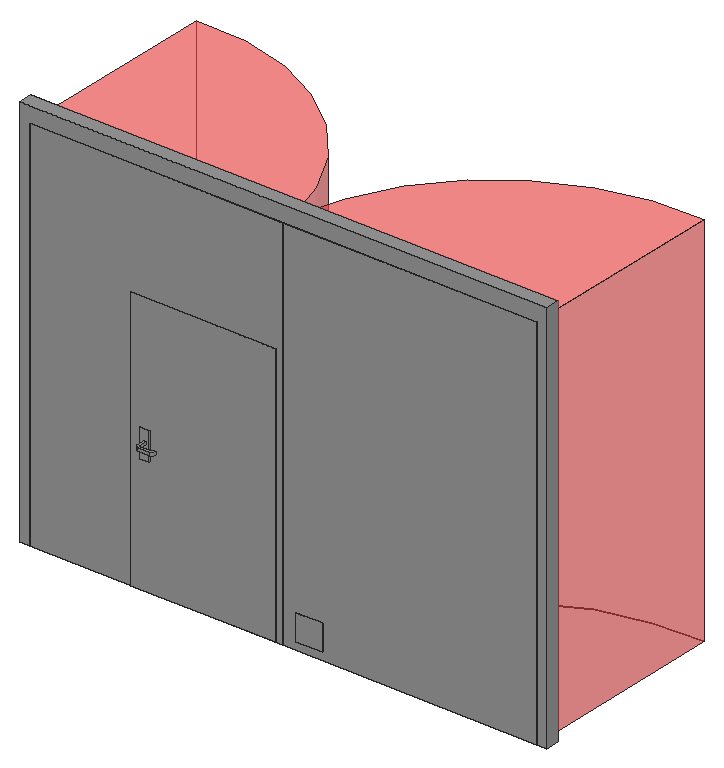
Revit family "raspashnie_protivopozarnie_vorota_firetechnics-d_ei60", category Двери, Revit 2016
Family settings
  Основа = Стена
  Номер OmniClass = 23.30.10.00
  Заголовок OmniClass = Doors
  Всегда вертикально = Да
  При загрузке вырезать с полостями = Нет
  Общий = Нет
  Точка расчета площади = Нет
Parameters (values of type "Распашные противопажарные ворота FireTechnics-D EI60")
  ширина полотна = 90 mm  # constant formula
  Ширина стойки = 53.699 mm
  Ширина стоек = 70 mm  # constant formula
  Ширина двери = 1100 mm  # constant formula
  Функция = Внутренние слои
  Резервирование простанства = Границы резервирования пространства
  Разработано = "support@bimlib.ru"  # constant formula
  Противопожарный люк [instance] = yes
  Противопожарная дверь [instance] = yes
  Огнестойкость = "EI60"
  Материал стоек = Сталь_оцинкованная_листовая Firetechnics
  Материал ручки = СВМПЭ, черный
  Материал полотна = Полотно с наполнителем из минерального заполнителя
  Изготовитель = "Firetechnics"  # constant formula
  Зона резервирования [instance] = yes
  Ворота открыто [instance] = yes
  Высота противопожарной двери = 2000 mm  # constant formula
  Высота поперечного бруса = 120 mm  # constant formula
  Height = ADSK_Размер_Высота  # 3000 mm
  Замыкание стены = По основе
  Width = ADSK_Размер_Ширина  # 4000 mm
  Видимость 2 [instance] = and(Ворота открыто, Противопожарный люк)  # yes
  Видимость 1 [instance] = and(Ворота открыто, Противопожарная дверь)  # yes
  Аналитическая конструкция = "<Нет>"
  URL = "https://www.fire-tec.ru/"
  ADSK_Размер_Ширина = 4000 mm
  ADSK_Размер_Высота = 3000 mm
  ADSK_Примечание [instance] = ""
  ADSK_Предел огнестойкости = "EI60"
  ADSK_Позиция [instance] = ""
  ADSK_Обозначение = ""
  ADSK_Наименование = "Распашные противопажарные ворота Firetechnics-D EI60"
  ADSK_Масса_Текст = ""
  ADSK_Завод-изготовитель = ""
  ADSK_Единица измерения = ""
  ADSK_URL страницы изделия = "https://www.fire-tec.ru/catalog/protivopozharnye-vorota/protivopozharnye-raspashnye-vorota/"
  ADSK_URL документации изделия = ""
Reference planes
  plane 1: y = 0
  plane 2 "По центру (Влево/Вправо)": x = 0
  plane 3 "Слева": x = -2000
  plane 4 "Справа": x = 2000
  plane 5: z = 3000
  plane 6 "Наружный": y = 68.902
  plane 7 "Внутренние": y = -81.098
  plane 8: y = 38.902
  plane 9: y = -51.098
  plane 10: z = 2880
  plane 11: x = -1930
  plane 12: x = 1930
  plane 13: x = -58.299
  plane 14: x = -1158.299
  plane 15: z = 2000
  plane 16: x = 96.816
  plane 17: x = 296.816
  plane 18: z = 57.234
  plane 19: z = 257.234
  plane 20: y = 53.699
Forms (mm)
  Extrusion 1, void
    sketch origin (0, 0, 0) x (1, 0, 0) y (0, 1, 0)
      loop
        line (-2000, 68.902) -> (-2000, -81.098) -> (2000, -81.098) -> (2000, 68.902) -> (-2000, 68.902)
    from 0 to 3000
  Extrusion 2, solid, material "Полотно с наполнителем из минерального заполнителя" <- "Материал полотна", visible <- "Ворота открыто"
    sketch origin (0, 0, 0) x (1, 0, 0) y (0, 1, 0)
      loop
        line (-1929.64, 38.902) -> (-1929.64, -51.098) -> (0, -51.098) -> (0, 38.902) -> (-1929.64, 38.902)
    from 0 to 2880
  Extrusion 3, solid, material "Полотно с наполнителем из минерального заполнителя" <- "Материал полотна", visible <- "Ворота открыто"
    sketch origin (0, 0, 0) x (1, 0, 0) y (0, 1, 0)
      loop
        line (1930, 38.902) -> (0, 38.902) -> (0, -51.098) -> (1930, -51.098) -> (1930, 38.902)
    from 0 to 2880
  Extrusion 4, solid, material "Сталь_оцинкованная_листовая Firetechnics" <- "Материал стоек"
    sketch origin (0, 0, 0) x (1, 0, 0) y (0, 1, 0)
      loop
        line (-2000, 53.699) -> (-2000, -51.098) -> (2000, -51.098) -> (2000, 53.699) -> (-2000, 53.699)
    from 2880 to 3000
  Extrusion 5, solid, material "Сталь_оцинкованная_листовая Firetechnics" <- "Материал стоек"
    sketch origin (0, 0, 0) x (1, 0, 0) y (0, 1, 0)
      loop
        line (-2000, 53.699) -> (-2000, -51.098) -> (-1930, -51.098) -> (-1930, 53.699) -> (-2000, 53.699)
    from 0 to 2880
  Extrusion 6, solid, material "Сталь_оцинкованная_листовая Firetechnics" <- "Материал стоек"
    sketch origin (0, 0, 0) x (1, 0, 0) y (0, 1, 0)
      loop
        line (1930, 53.699) -> (1930, -51.098) -> (2000, -51.098) -> (2000, 53.699) -> (1930, 53.699)
    from 0 to 2880
  Extrusion 7, solid, material "Полотно с наполнителем из минерального заполнителя" <- "Материал полотна", visible <- "Видимость 1"
    sketch origin (0, 0, 0) x (1, 0, 0) y (0, 1, 0)
      loop
        line (-1158.299, 38.902) -> (-1158.299, -51.098) -> (-58.299, -51.098) -> (-58.299, 38.902) -> (-1158.299, 38.902)
    from 0 to 2000
  Extrusion 8, solid, material "Полотно с наполнителем из минерального заполнителя" <- "Материал полотна", visible <- "Видимость 2"
    sketch origin (0, -81.098, 0) x (1, 0, 0) y (0, 0, 1)
      loop
        line (296.816, 57.234) -> (296.816, 257.234) -> (96.816, 257.234) -> (96.816, 57.234) -> (296.816, 57.234)
    from -120 to -30
  Extrusion 9, solid, material "Границы резервирования пространства" <- "Резервирование простанства", visible <- "Зона резервирования"
    sketch origin (0, 0, 0) x (1, 0, 0) y (0, 1, 0)
      loop
        line (-1930, 38.902) -> (0.056, 38.902)
        arc (0.056, 38.902) -> (-678.611, 1157.372) -> (-1930, 1538.932) r 1833.885
        line (-1930, 1538.932) -> (-1930, 38.902)
    from 0 to 2880
  Extrusion 10, solid, material "Границы резервирования пространства" <- "Резервирование простанства", visible <- "Зона резервирования"
    sketch origin (0, 0, 0) x (1, 0, 0) y (0, 1, 0)
      loop
        arc (1929.64, 1538.957) -> (678.468, 1157.261) -> (-0.056, 38.902) r 1833.885
        line (-0.056, 38.902) -> (1929.64, 38.902) -> (1929.64, 1538.957)
    from 0 to 2880
Cuts and joins
  joined: Extrusion 4, Extrusion 5, Extrusion 6
Lines and regions (mm)
  symbolic lines, style "Doors"
    curve 1: line (-1929.64, 38.902, 0) -> (-1929.64, 1538.957, 0)
    curve 2: arc (-1929.64, 1538.957, 0) -> (-678.591, 1157.356, 0) -> (0, 39.207, 0) r 1833.885
    curve 3: line (-2000, 38.902, 0) -> (0, 38.902, 0)
    curve 4: line (1929.64, 39.207, 0) -> (1929.64, 1538.957, 0)
    curve 5: arc (1929.64, 1538.957, 0) -> (678.591, 1157.356, 0) -> (0, 39.207, 0) r 1833.885
    curve 6: line (2000, 39.207, 0) -> (0, 39.207, 0)
  model lines, style "InvisibleLines"
    curve 7: line (296.816, 38.902, 0) -> (96.816, 38.902, 0)
Text (mm)
  text "Наружный" at (-2295.016, 1099.543, 0), in view "Опорный уровень"
  text "Наружный" at (0, 1615.38, 3698.081), in view "Слева"
  text "Наружный" at (0, 1036.032, 3874.932), in view "Справа"
Dimensions and locks
  equal spacing: plane 3 "Слева", plane 2 "По центру (Влево/Вправо)", plane 4 "Справа"
  "Width": plane 3 "Слева" to plane 4 "Справа"
  "Height": plane 5 to host wall
  host wall to plane 5 = 3000 mm  (x2)
  locked: plane 6 "Наружный" to host wall at 0
  locked: plane 7 "Внутренние" to host wall
  "Высота поперечного бруса": plane 10 to plane 5
  equal spacing: plane 8, host wall, plane 9
  "ширина полотна": plane 8 to plane 9
  "Ширина стоек": plane 12 to plane 4 "Справа"
  "Ширина стоек": plane 3 "Слева" to plane 11
  "Ширина двери": plane 14 to plane 13
  "Высота противопожарной двери": plane 15 to level
  plane 19 to plane 18 = 200 mm
  plane 17 to plane 16 = 200 mm
  "Ширина стойки": plane 1 to plane 20
  locked: nested 1 to plane 1 at 51.098
  locked: nested 2 to curve 6 at 0.305
  locked: Extrusion 7 to nested 2 at 133.299
  locked: plane 14 to nested 1 at 133.299
  aligned and locked: Extrusion 1 sketch curve to host wall  (x2)
  aligned and locked: Extrusion 1 sketch curve to plane 3 "Слева"
  aligned and locked: plane 4 "Справа" to Extrusion 1 sketch curve
  aligned and locked: Extrusion 1 to plane 5
  aligned and locked: Extrusion 2 sketch curve to plane 8
  aligned and locked: plane 9 to Extrusion 2 sketch curve
  aligned and locked: Extrusion 2 sketch curve to plane 2 "По центру (Влево/Вправо)"
  aligned and locked: Extrusion 3 sketch curve to plane 8
  aligned and locked: Extrusion 4 to plane 5
  aligned and locked: Extrusion 4 to plane 10
  aligned and locked: plane 12 to Extrusion 3
  aligned and locked: Extrusion 6 sketch curve to Extrusion 3
  aligned and locked: Extrusion 6 sketch curve to plane 9
  aligned and locked: plane 4 "Справа" to Extrusion 6 sketch curve
  aligned and locked: Extrusion 5 to Extrusion 4
  aligned and locked: Extrusion 2 to Extrusion 4
  aligned and locked: Extrusion 2 to Extrusion 3
  aligned and locked: Extrusion 7 sketch curve to plane 8
  aligned and locked: plane 14 to Extrusion 7 sketch curve
  aligned and locked: plane 9 to Extrusion 7 sketch curve
  aligned and locked: Extrusion 7 sketch curve to plane 13
  aligned and locked: Extrusion 7 to level
  aligned and locked: plane 15 to Extrusion 7
  aligned and locked: plane 18 to Extrusion 8 sketch curve
  aligned and locked: Extrusion 8 sketch curve to plane 17
  aligned and locked: plane 19 to Extrusion 8 sketch curve
  aligned and locked: plane 16 to Extrusion 8 sketch curve
  aligned and locked: plane 8 to Extrusion 8
  aligned and locked: Extrusion 5 to plane 20
  aligned and locked: Extrusion 6 to plane 20
  aligned and locked: Extrusion 8 to plane 9
  aligned and locked: Extrusion 4 to Extrusion 5
  aligned and locked: plane 9 to nested 1
  aligned and locked: nested 2 to plane 8
  aligned and locked: cut or joined group of Extrusion 4, Extrusion 5, Extrusion 6 to plane 10
  aligned and locked: Extrusion 9 sketch curve to curve 2
  aligned and locked: Extrusion 9 sketch curve to Extrusion 2
  aligned and locked: plane 11 to Extrusion 9 sketch curve
  aligned and locked: Extrusion 10 sketch curve to curve 5
  aligned and locked: Extrusion 10 sketch curve to curve 4
  aligned and locked: Extrusion 3 to Extrusion 10 sketch curve
  aligned and locked: Extrusion 10 to Extrusion 2
  aligned and locked: Extrusion 10 to level
  aligned and locked: Extrusion 9 to level
  aligned and locked: Extrusion 9 to Extrusion 2
  aligned and locked: plane 3 "Слева" to curve 3
  aligned and locked: plane 4 "Справа" to curve 6
Automatic sketch dimensions
  Extrusion 2 sketch curve to plane 3 "Слева" = 70.36 mm
  Extrusion 3 sketch curve to plane 2 "По центру (Влево/Вправо)" = 0 mm
  plane 9 to Extrusion 3 sketch curve = 0 mm
  Extrusion 3 sketch curve to plane 12 = 0 mm
  Extrusion 4 sketch curve to plane 3 "Слева" = 0 mm
  Extrusion 4 sketch curve to plane 4 "Справа" = 0 mm
  Extrusion 4 sketch curve to plane 9 = 0 mm
  plane 8 to Extrusion 4 sketch curve = 14.797 mm
  Extrusion 5 sketch curve to plane 3 "Слева" = 0 mm
  Extrusion 5 sketch curve to plane 9 = 0 mm
  Extrusion 5 sketch curve to plane 11 = 0 mm
  plane 20 to Extrusion 5 sketch curve = 0 mm
  plane 20 to Extrusion 6 sketch curve = 0 mm
  curve 1 to plane 8 = 0 mm
  curve 3 to plane 2 "По центру (Влево/Вправо)" = 0 mm
  curve 6 to plane 2 "По центру (Влево/Вправо)" = 0 mm
  curve 7 to plane 8 = 0 mm
  curve 7 to plane 16 = 0 mm
  curve 7 to plane 17 = 0 mm
  plane 11 to curve 1 = 0.36 mm
  plane 11 to curve 2 = 126.018 mm
  curve 5 to plane 12 = 126.018 mm
  curve 4 to plane 12 = 0.36 mm
  host wall to curve 5 = 209.52 mm
  host wall to curve 2 = 209.52 mm
Nested families
  nested 1: "ручка двери" at (-1025, -51.098, 955), visible <- "Видимость 1", type "ручка вправо", detail levels fine
  nested 2: "ручка двери" at (-1025, 38.902, 955), visible <- "Видимость 1", type "ручка вправо", detail levels fine
Definition of nested family "ручка двери"
  Parameters (values of type "ручка вправо")
    материал ручки = none
  Types (2): name
    ручка вправо
    ручка влево
  Reference planes
    plane 1 "По центру (Вперед/Назад)": y = 0
    plane 2: z = 0
    plane 3 "По центру (Влево/Вправо)": x = 0
    plane 4: y = -94.522
    plane 5: through (90.978, -140.02, 1571.813) normal (-1, 0, 0.003)
    plane 6: y = -74.753
  Forms (mm)
    Extrusion 1, solid, material <- "материал ручки"
      sketch origin (0, 0, 28.186) x (1, 0, 0) y (0, 0, 1)
        loop
          line (-64.593, 122.232) -> (-64.593, -92.42) -> (6.493, -92.42) -> (6.493, 122.232) -> (-64.593, 122.232)
      from 0 to 5
    Extrusion 2, solid, material <- "материал ручки"
      sketch origin (-9.05, 15, 48.105) x (-0.999996, 0, 0.002989) y (0, -1, 0)
        loop
          line (4.809, 20) -> (20, 20) -> (20, 82.112)
          arc (20, 82.112) -> (14.468, 99.078) -> (0, 109.522) r 28.783
          line (0, 109.522) -> (-95.473, 109.522)
          arc (-95.473, 109.522) -> (-109.942, 99.078) -> (-115.473, 82.112) r 28.783
          line (-115.473, 82.112) -> (-100.473, 82.112)
          arc (-100.473, 82.112) -> (-98.235, 87.515) -> (-92.832, 89.753) r 7.641
          line (-92.832, 89.753) -> (-2.832, 89.753)
          arc (-2.832, 89.753) -> (2.571, 87.515) -> (4.809, 82.112) r 7.641
          line (4.809, 82.112) -> (4.809, 20)
      from 0 to 20
  Dimensions and locks
    aligned and locked: level to plane 2
